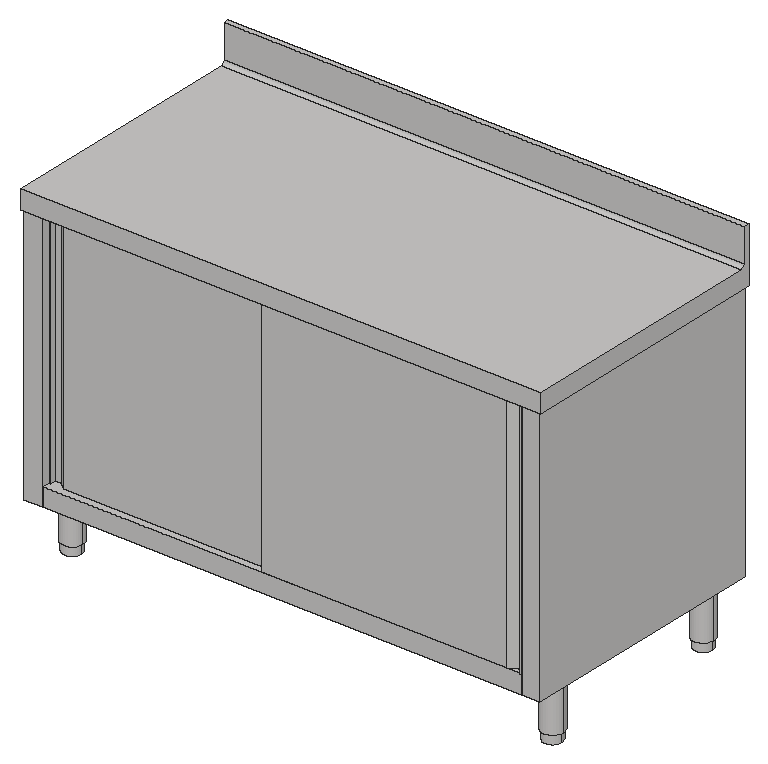
Revit family "QF_ELECTROLUXPROFESSIONAL_132778_MTN1410PN", category Attrezzature speciali, Revit 2020
Family settings
  Quota connettore circolare = Usa diametro
  Tipo di parte = Normale
  Basato su piano di lavoro = No
  Sempre verticale = Sì
  Taglio con vuoti quando caricato = No
  Condiviso = No
  Punto di calcolo locali = No
Parameters (values of type "Standard")
  Weight = 60.00 kg
  Watts = 0 W
  Volts = 0 V
  URL Manufacturer = "https://www.electroluxprofessional.com/"
  URL = "https://www.electroluxprofessional.com/"
  Steam Supply Size = 0 mm
  Steam Supply Minimum Pressure = 0.0 Pa
  Steam Supply Maximum Pressure = 0.0 Pa
  Steam Consumption per Hour = 0
  Refrigeration Suction Line Size = 0.0 mm
  Refrigeration Liquid Line Size = 0.0 mm
  Refrigerant Compressor Remote = yes
  Prospetto di default = 0.0 mm
  Produttore = "Electrolux Professional"
  Phase = 0
  Modello = "MTN1410PN"
  Length Actual = 1400.0 mm  # constant formula
  Item Number = "132778"
  Hot Water Size = 0 mm
  Height Actual = 1000.0 mm  # constant formula
  HP = "0 HP"
  Gas Size = 0 mm
  Gas KW = 0
  Gas Input Pressure = 0 W
  Direct Waste Size = 0 mm
  Descrizione = "WORKTOP CUPB+UPST+SHELF+SLIDING D.1400MM"
  Depth Actual = 700.0 mm  # constant formula
  Cycle = 0 Hz
  Condensate Return Size = 0 mm
  Compressed Air Volume = 0.0 L/s
  Compressed Air Size = 0 mm
  Compressed Air Pressure = 0.0 Pa
  Cold Water Size = 0 mm
  Accessory = yes
Reference planes
  plane 1 "Center (Front/Back)": y = 0
  plane 2: z = 0
  plane 3 "Center (Left/Right)": x = -200
  plane 4 "LEFT": x = -900
  plane 5 "RIGHT": x = 500
  plane 6 "BACK": y = 350
  plane 7 "FRONT": y = -350
  plane 8 "Base": z = 850
  plane 9 "TOP": z = 900
  plane 10: x = -846.9
  plane 11: x = 446.9
  plane 12: y = 264.5
  plane 13: y = -241.9
  plane 14 "BodyLeft": x = -894.5
  plane 15 "BodyFront": y = -344.5
  plane 16 "BodyRight": x = 494.5
  plane 17 "BodyBack": y = 344.5
  plane 18 "FEET": z = 150
  plane 19: x = -144.5
  plane 20: x = -255.5
Forms (mm)
  Extrusion 1, solid, material "QF_Finishes_Stainless Steel"
    sketch origin (-200, 0, 0) x (0, 1, 0) y (0, 0, 1)
      loop
        line (-350, 850) -> (350, 850) -> (350, 1000) -> (337, 1000) -> (337, 910)
        arc (337, 910) -> (334.071, 902.929) -> (327, 900) r 10
        line (327, 900) -> (-350, 900) -> (-350, 850)
    from 700 to -700
  Extrusion 2, solid, material "QF_Finishes_Stainless Steel"
    sketch origin (0, 0, 150) x (-1, 0, 0) y (0, -1, 0)
      loop
        line (894.5, -344.5) -> (894.5, 344.5) -> (844.5, 344.5) -> (844.5, -344.5) -> (894.5, -344.5)
      loop
        line (-444.5, -344.5) -> (-444.5, 344.5) -> (-494.5, 344.5) -> (-494.5, -344.5) -> (-444.5, -344.5)
    from 0 to 700
  Extrusion 3, solid, material "QF_Finishes_Stainless Steel"
    sketch origin (0, 0, 150) x (-1, 0, 0) y (0, -1, 0)
      loop
        line (843.585, -344.5) -> (843.585, 344.5) -> (-444.5, 344.5) -> (-444.5, -344.5) -> (843.585, -344.5)
    from 0 to 50
  Extrusion 4, solid, material "QF_Finishes_Stainless Steel"
    sketch origin (0, 0, 150) x (-1, 0, 0) y (0, -1, 0)
      loop
        line (843.585, -344.5) -> (843.585, -294.5) -> (-444.5, -294.5) -> (-444.5, -344.5) -> (843.585, -344.5)
    from 50 to 700
  Extrusion 5, solid, material "QF_Finishes_Stainless Steel"
    sketch origin (0, 0, 150) x (-1, 0, 0) y (0, -1, 0)
      loop
        line (-444.5, 344.5) -> (-444.5, 324.5) -> (255.5, 324.5) -> (255.5, 344.5) -> (-404.5, 344.5) -> (-424.5, 329.5) -> (-439.5, 329.5) -> (-439.5, 344.5) -> (-444.5, 344.5)
    from 50 to 700
  Extrusion 6, solid, material "QF_Finishes_Stainless Steel"
    sketch origin (0, 20, 150) x (1, 0, 0) y (0, 1, 0)
      loop
        line (-844.5, -344.5) -> (-839.5, -344.5) -> (-839.5, -329.5) -> (-824.5, -329.5) -> (-804.5, -344.5) -> (-144.5, -344.5) -> (-144.5, -324.5) -> (-844.5, -324.5) -> (-844.5, -344.5)
    from 50 to 700
Lines and regions (mm)
  symbolic lines
    curve 1: line (500, 350, 900) -> (-900, 350, 900)
    curve 2: line (-900, 350, 900) -> (-900, -350, 900)
    curve 3: line (-900, -350, 900) -> (500, -350, 900)
    curve 4: line (500, -350, 900) -> (500, 350, 900)
    curve 5: line (-900, 337, 900) -> (500, 337, 900)
  symbolic lines, style "SpecialityEquipmentHiddenLines"
    curve 6: line (-894.5, -344.5, 150) -> (-894.5, 344.5, 150)
    curve 7: line (-894.5, 344.5, 150) -> (494.5, 344.5, 150)
    curve 8: line (494.5, 344.5, 150) -> (494.5, -344.5, 150)
    curve 9: line (494.5, -344.5, 150) -> (-894.5, -344.5, 150)
    curve 10: line (-844.5, -304.5, 150) -> (-144.5, -304.5, 150)
    curve 11: line (-144.5, -304.5, 150) -> (-144.5, -324.5, 150)
    curve 12: line (444.5, -324.5, 150) -> (-844.5, -324.5, 150)
    curve 13: line (-844.5, -324.5, 150) -> (-844.5, -304.5, 150)
    curve 14: line (-255.5, -344.5, 150) -> (-255.5, -324.5, 150)
Dimensions and locks
  plane 4 "LEFT" to plane 5 "RIGHT" = 1400.0 mm
  equal spacing: plane 4 "LEFT", plane 3 "Center (Left/Right)", plane 5 "RIGHT"
  locked: plane 8 "Base" to level at 850
  locked: Extrusion 1 to level at 1000
  plane 9 "TOP" to level = 900.0 mm
  plane 6 "BACK" to plane 7 "FRONT" = 700.0 mm
  equal spacing: plane 6 "BACK", plane 1 "Center (Front/Back)", plane 7 "FRONT"
  locked: plane 4 "LEFT" to plane 14 "BodyLeft" at 5.5
  locked: plane 16 "BodyRight" to plane 5 "RIGHT" at 5.5
  locked: plane 15 "BodyFront" to plane 7 "FRONT" at 5.5
  locked: plane 6 "BACK" to plane 17 "BodyBack" at 5.5
  locked: plane 14 "BodyLeft" to plane 10 at 47.6
  locked: plane 11 to plane 16 "BodyRight" at 47.6
  locked: plane 13 to plane 15 "BodyFront" at 102.6
  locked: plane 17 "BodyBack" to plane 12 at 80
  plane 10 to plane 11 = 1293.8 mm
  plane 12 to plane 13 = 506.4 mm
  locked: plane 18 "FEET" to level at 150
  locked: plane 14 "BodyLeft" to Extrusion 2 sketch curve at 50
  locked: Extrusion 2 sketch curve to Extrusion 2 sketch curve at 50
  Extrusion 3 to Extrusion 4 sketch curve = 50.0 mm
  Extrusion 2 to plane 19 = 700.0 mm
  plane 20 to Extrusion 2 = 700.0 mm
  aligned and locked: level to plane 2
  aligned and locked: plane 10 to nested 1
  aligned and locked: nested 1 to plane 13
  aligned and locked: plane 11 to nested 2
  aligned and locked: nested 2 to plane 13
  aligned and locked: plane 11 to nested 4
  aligned and locked: nested 4 to plane 12
  aligned and locked: plane 10 to nested 3
  aligned and locked: nested 3 to plane 12
  aligned and locked: Extrusion 1 to plane 4 "LEFT"
  aligned and locked: plane 5 "RIGHT" to Extrusion 1
  aligned and locked: curve 2 to plane 4 "LEFT"
  aligned and locked: plane 17 "BodyBack" to Extrusion 2 sketch curve
  aligned and locked: Extrusion 2 sketch curve to plane 15 "BodyFront"
  aligned and locked: Extrusion 2 sketch curve to plane 14 "BodyLeft"
  aligned and locked: plane 16 "BodyRight" to Extrusion 2 sketch curve
  aligned and locked: Extrusion 2 sketch curve to plane 17 "BodyBack"
  aligned and locked: plane 15 "BodyFront" to Extrusion 2 sketch curve
  aligned and locked: Extrusion 3 sketch curve to plane 17 "BodyBack"
  aligned and locked: plane 15 "BodyFront" to Extrusion 3 sketch curve
  aligned and locked: plane 8 "Base" to Extrusion 2
  aligned and locked: plane 8 "Base" to Extrusion 5
  aligned and locked: Extrusion 5 to Extrusion 3
  aligned and locked: Extrusion 6 sketch curve to plane 19
  aligned and locked: Extrusion 5 sketch curve to plane 20
  aligned and locked: curve 7 to plane 17 "BodyBack"
  aligned and locked: Extrusion 2 to plane 14 "BodyLeft"
  aligned and locked: plane 16 "BodyRight" to curve 8
  aligned and locked: plane 15 "BodyFront" to curve 9
Automatic sketch dimensions
  curve 3 to plane 7 "FRONT" = 0.0 mm
  curve 5 to plane 5 "RIGHT" = 0.0 mm
  curve 4 to plane 6 "BACK" = 0.0 mm
  curve 5 to plane 17 "BodyBack" = 7.5 mm
  Extrusion 1 sketch curve to plane 7 "FRONT" = 0.0 mm
  Extrusion 1 sketch curve to plane 9 "TOP" = 0.0 mm
  Extrusion 1 sketch curve to plane 6 "BACK" = 0.0 mm
  Extrusion 1 sketch curve to plane 8 "Base" = 0.0 mm
  Extrusion 1 sketch curve to plane 17 "BodyBack" = 17.5 mm
  Extrusion 1 sketch curve to plane 17 "BodyBack" = 7.5 mm
  Extrusion 1 sketch curve to Extrusion 1 sketch curve = 90.0 mm
  Extrusion 5 sketch curve to plane 15 "BodyFront" = 0.0 mm  (x2)
  Extrusion 5 sketch curve to plane 11 = 2.4 mm
  Extrusion 5 sketch curve to Extrusion 5 sketch curve = 5.0 mm
  Extrusion 5 sketch curve to Extrusion 5 sketch curve = 15.0 mm
  Extrusion 5 sketch curve to Extrusion 5 sketch curve = 20.0 mm
  plane 15 "BodyFront" to Extrusion 5 sketch curve = 15.0 mm
  plane 15 "BodyFront" to Extrusion 5 sketch curve = 20.0 mm
  Extrusion 6 sketch curve to plane 15 "BodyFront" = 20.0 mm  (x2)
  Extrusion 6 sketch curve to plane 10 = 2.4 mm
  Extrusion 6 sketch curve to Extrusion 6 sketch curve = 5.0 mm
  Extrusion 6 sketch curve to Extrusion 6 sketch curve = 15.0 mm
  Extrusion 6 sketch curve to Extrusion 6 sketch curve = 20.0 mm  (x2)
  Extrusion 6 sketch curve to plane 15 "BodyFront" = 35.0 mm
  Extrusion 3 sketch curve to plane 11 = 2.4 mm
  plane 10 to Extrusion 3 sketch curve = 3.315 mm
  Extrusion 4 sketch curve to plane 11 = 2.4 mm
  plane 10 to Extrusion 4 sketch curve = 3.315 mm
  curve 10 to plane 19 = 0.0 mm
  curve 14 to plane 20 = 0.0 mm
  curve 7 to plane 14 "BodyLeft" = 0.0 mm
  plane 10 to curve 13 = 2.4 mm
  curve 10 to curve 13 = 20.0 mm
  curve 12 to plane 11 = 2.4 mm
  plane 15 "BodyFront" to curve 14 = 20.0 mm
Nested families
  nested 1: "FEET_D58-150" at (-846.9, -241.9, 0), type "FEET_D58-150"
  nested 2: "FEET_D58-150" at (446.9, -241.9, 0), type "FEET_D58-150"
  nested 3: "FEET_D58-150" at (-846.9, 264.5, 0), type "FEET_D58-150"
  nested 4: "FEET_D58-150" at (446.9, 264.5, 0), type "FEET_D58-150"
Definition of nested family "FEET_D58-150"
  Parameters
    Default Elevation = 0.0 mm
    FEET = 150.0 mm
  Reference planes
    plane 1 "Center (Front/Back)": y = 0
    plane 2: z = 0
    plane 3 "Center (Left/Right)": x = 0
    plane 4: z = 150
  Forms (mm)
    Extrusion 1, solid
      sketch origin (0, 0, 0) x (1, 0, 0) y (0, 1, 0)
        loop
          circle (0, 0) r 25
      from 0 to 25
    Extrusion 2, solid
      sketch origin (0, 0, 0) x (1, 0, 0) y (0, 1, 0)
        loop
          circle (0.061, 0) r 29
      from 25 to 150 <- "FEET"
  Lines and regions (mm)
    symbolic lines
      curve 1: line (0, -1.503, 0) -> (0, 1.508, 0)
      curve 2: line (1.561, 0, 0) -> (-1.439, 0, 0)
  Dimensions and locks
    "FEET": plane 4 to plane 2
    aligned and locked: level to plane 2
  Automatic sketch dimensions
    plane 1 "Center (Front/Back)" to Extrusion 1 sketch curve = 0.0 mm
    Extrusion 1 sketch curve to plane 3 "Center (Left/Right)" = 0.0 mm
    plane 1 "Center (Front/Back)" to curve 2 = 0.0 mm
    curve 1 to plane 3 "Center (Left/Right)" = 0.0 mm
    curve 2 to plane 3 "Center (Left/Right)" = 1.439 mm
    plane 3 "Center (Left/Right)" to curve 2 = 1.561 mm
    plane 1 "Center (Front/Back)" to curve 1 = 1.503 mm
    curve 1 to plane 1 "Center (Front/Back)" = 1.508 mm
    plane 1 "Center (Front/Back)" to Extrusion 2 sketch curve = 0.0 mm
    plane 3 "Center (Left/Right)" to Extrusion 2 sketch curve = 0.061 mm
    radius of Extrusion 1 sketch curve = 25.0 mm
    radius of Extrusion 2 sketch curve = 29.0 mm
